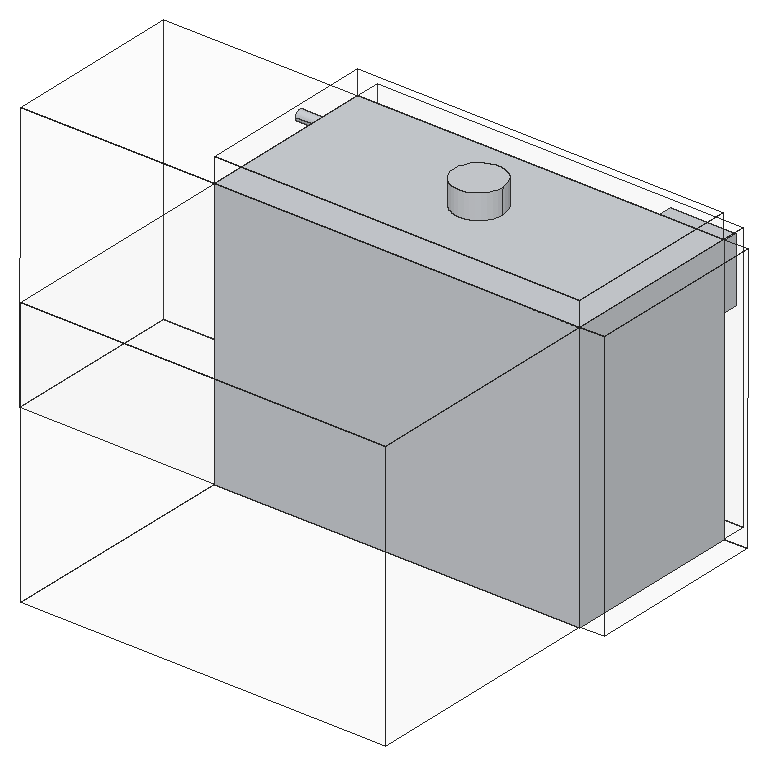
Revit family
Parameters (values of type "CWN0497PM")
  manifold thickness = 3 1/2"
  gas conn offset from back = 4"
  Voltage/Pump = 120"
  HEIGHT = 33 1/4"
  A/G_gas conn offset from bottom = 31 1/2"
  B_WIDTH = 45 1/4"
  C_DEPTH = 22 1/4"
  DRAIN SIZE = 2@ = 3/4"
  GAS CONN SIZE = gas conn radius * 2  # 1 1/4"
  VENT SIZE = vent radius * 2  # 6"
  WATER IN CONN SIZE = water inlet radius * 2  # 2"
  WATER OUT CONN SIZE = water outlet radius * 2  # 2"
  SES BIM Studio # = "201264901-22"
  Voltage/Heater = "120"
  Voltage/Control = "24"
  URL = "http://www.lochinvar.com/products/default.aspx?type=productline&lineid=15"
  Total Amps w/pump = "13.8"
  Model = "CWN0497PM"
  Manufacturer = "Lochinvar"
  MODEL NO. = "CWN0497PM"
  GALLON CAPACITY = "1.7"
  INPUT RATE (BTUH) = "495,000"
  FUEL TYPE = "NATURAL GAS"
  Description = "Copper-Fin Commercial Gas Water Heater"
  Fuel Type = "Natural or LP"
  D_water conn height = 12 1/2"
  E_vent offset from back = 9 1/2"
  F_vent offset from right side = 22 3/4"
  air inlet offset from right side = 1"
  air inlet size = 8"
  air inlet offst from top = 1"
  front clearance = 30"
  gas conn radius = 5/8"
  left side clearance = 24"
  rear clearance = 3"
  right side clearance = 3"
  top clearance = 3"
  vent radius = 3"
  water conn offset from back = 6 1/2"
  water inlet radius = 1"
  water inlet/outlet center to center distance = 6 1/2"
  water outlet radius = 1"
  # of Electrical Connections = "2"
Types (9): name | gas conn offset from back | HEIGHT | A/G_gas conn offset from bottom | B_WIDTH | C_DEPTH | GAS CONN SIZE | VENT SIZE | WATER IN CONN SIZE | WATER OUT CONN SIZE | Total Amps w/pump | Model | MODEL NO. | GALLON CAPACITY | INPUT RATE (BTUH) | D_water conn height | E_vent offset from back | F_vent offset from right side | gas conn radius | vent radius | water inlet radius | water inlet/outlet center to center distance | water outlet radius
  (no name) | 4" | 33 1/4" | 31 1/2" | 45 1/4" | 22 1/4" | 1 1/4" | 6" | 2" | 2" | "13.8" | "CWN0497PM" | "CWN0497PM" | "1.7" | "495,000" | 12 1/2" | 9 1/2" | 22 3/4" | 5/8" | 3" | 1" | 6 1/2" | 1"
  CWN0497PM | 4" | 33 1/4" | 31 1/2" | 45 1/4" | 22 1/4" | 1 1/4" | 6" | 2" | 2" | "13.8" | "CWN0497PM" | "CWN0497PM" | "1.7" | "495,000" | 12 1/2" | 9 1/2" | 22 3/4" | 5/8" | 3" | 1" | 6 1/2" | 1"
  CWN0647PM | 4" | 33 1/4" | 31 1/2" | 56 3/4" | 22 1/4" | 1 1/4" | 8" | 2" | 2" | "13.8" | "CWN0647PM" | "CWN0647PM" | "1.9" | "645,000" | 12 1/2" | 9 1/2" | 28 1/2" | 5/8" | 4" | 1" | 6 1/2" | 1"
  WN0747PM | 4" | 33 1/4" | 31 1/2" | 64" | 22 1/4" | 1 1/4" | 8" | 2" | 2" | "13.8" | "CWN0747PM" | "CWN0747PM" | "2.0" | "745,000" | 12 1/2" | 9 1/2" | 32" | 5/8" | 4" | 1" | 6 1/2" | 1"
  WN0987PM | 27 1/2" | 36" | 33 1/4" | 48 1/4" | 33 1/2" | 2" | 10" | 2 1/2" | 2 1/2" | "15.4" | "CWN0987PM" | "CWN0987PM" | "3.4" | "985,000" | 15 3/4" | 8 1/2" | 8 1/2" | 1" | 5" | 1 1/4" | 11 1/4" | 1 1/4"
  CWN1257PM | 27 1/2" | 36" | 33 1/4" | 58 1/2" | 33 1/2" | 2" | 12" | 2 1/2" | 2 1/2" | "15.4" | "CWN1257PM" | "CWN1257PM" | "3.7" | "1,255,000" | 15 3/4" | 9 1/2" | 10 1/2" | 1" | 6" | 1 1/4" | 11 1/4" | 1 1/4"
  CWN1437PM | 27 1/2" | 36" | 33 1/4" | 68 3/4" | 33 1/2" | 2" | 12" | 2 1/2" | 2 1/2" | "15.8" | "CWN1437PM" | "CWN1437PM" | "4.1" | "1,435,000" | 15 3/4" | 10 1/2" | 10 1/2" | 1" | 6" | 1 1/4" | 11 1/4" | 1 1/4"
  CWN1797PM | 27 1/2" | 36" | 33 1/4" | 82 1/4" | 33 1/2" | 2" | 14" | 2 1/2" | 2 1/2" | "15.8" | "CWN1797PM" | "CWN1797PM" | "4.5" | "1,795,000" | 15 3/4" | 11" | 11" | 1" | 7" | 1 1/4" | 11 1/4" | 1 1/4"
  CWN2067PM | 27 1/2" | 36" | 33 1/4" | 92 1/2" | 33 1/2" | 2" | 14" | 2 1/2" | 2 1/2" | "15.8" | "CWN2067PM" | "CWN2067PM" | "4.8" | "2,065,000" | 15 3/4" | 11" | 11" | 1" | 7" | 1 1/4" | 11 1/4" | 1 1/4"
Reference planes (in)
  plane 1 "Center (Front/Back)": y = 2.33546
  plane 2: z = 0
  plane 3 "Center (Left/Right)": x = 0
  plane 4 "Rear Plane": y = 13.46046
  plane 5 "Front Plane": y = -8.78954
  plane 6 "Left Side Plane": x = -22.625
  plane 7 "Right Side Plane": x = 22.625
  plane 8 "Top Plane": z = 33.25
  plane 9 "Vent Offset from Rear": y = 3.96046
  plane 10 "Water Conn offset from bottom": z = 12.5
  plane 11 "Water conn offset from back": y = 6.96046
  plane 12 "Water conn center to center": y = 0.46046
  plane 13 "Gas conn offset from botton - 0497-0979": z = 31.5
  plane 14 "Gas conn offset from back - 0497-0797": y = 9.46046
  plane 15 "Vent Conn offset from back": y = 3.96046
  plane 16 "Vent conn offset from right side": x = -0.125
  plane 17: x = 21.625
  plane 18 "air inlet offset from top": z = 32.25
  plane 19: x = 13.625
  plane 20 "air inlet bottom plane": z = 24.25
  plane 21 "front clearance": y = -38.78954
  plane 22 "left side clearance": x = -46.625
  plane 23 "right side clearance": x = 25.625
  plane 24 "rear clearance plane": y = 16.46046
  plane 25 "top clearance": z = 36.25
  plane 26 "water manifold top plane": z = 14.25
  plane 27 "water manifold bottom plane": z = 10.75
  plane 28 "water manifold left plane": y = 9.96046
  plane 29 "water manifold right plane": y = -2.53954
  plane 30: x = -30.625
  plane 31 "manifold thickness": x = -26.125
Forms (in)
  Extrusion 1, solid
    sketch origin (0, 0, 0) x (1, 0, 0) y (0, 1, 0)
      loop
        line (-22.625, 13.46046) -> (-22.625, -8.78954) -> (22.625, -8.78954) -> (22.625, 13.46046) -> (-22.625, 13.46046)
    from 0 to 33.25
  Extrusion 2, solid
    sketch origin (0, 0, 31.5) x (-1, 0, 0) y (0, -1, 0)
      loop
        circle (0.125, -3.96046) r 3
    from 1.75 to 4.75
  Extrusion 3, solid
    sketch origin (0, 19.46046, 0) x (1, 0, 0) y (0, 0, 1)
      loop
        line (21.625, 32.25) -> (13.625, 32.25) -> (13.625, 24.25) -> (21.625, 24.25) -> (21.625, 32.25)
    from 6 to 3
  Extrusion 4, solid, material "Clearance"
    sketch origin (0, 0, 33.25) x (-1, 0, 0) y (0, -1, 0)
      loop
        line (22.625, -13.46046) -> (22.625, 8.78954) -> (-22.625, 8.78954) -> (-22.625, -13.46046) -> (22.625, -13.46046)
    from 0 to 3
  Extrusion 5, solid
    sketch origin (-18.875, 0, 0) x (0, 1, 0) y (0, 0, 1)
      loop
        line (9.96046, 14.25) -> (-2.53954, 14.25) -> (-2.53954, 10.75) -> (9.96046, 10.75) -> (9.96046, 14.25)
    from -3.75 to -7.25
  Extrusion 6, solid
    sketch origin (-26.125, 0, 0) x (0, 1, 0) y (0, 0, 1)
      loop
        circle (6.96046, 12.5) r 1
    from 0 to -0.5
  Extrusion 7, solid
    sketch origin (-26.125, 0, 0) x (0, 1, 0) y (0, 0, 1)
      loop
        circle (0.46046, 12.5) r 1
    from 0 to -0.5
  Extrusion 8, solid, material "Clearance"
    sketch origin (0, 0, 33.25) x (-1, 0, 0) y (0, -1, 0)
      loop
        line (22.625, -13.46046) -> (46.625, -13.46046) -> (46.625, 8.78954) -> (22.625, 8.78954) -> (22.625, -13.46046)
    from 0 to -33.25
  Extrusion 9, solid, material "Clearance"
    sketch origin (0, 0, 33.25) x (-1, 0, 0) y (0, -1, 0)
      loop
        line (-22.625, -13.46046) -> (-22.625, 8.78954) -> (-25.625, 8.78954) -> (-25.625, -13.46046) -> (-22.625, -13.46046)
    from 0 to -33.25
  Extrusion 10, solid, material "Clearance"
    sketch origin (0, 0, 33.25) x (-1, 0, 0) y (0, -1, 0)
      loop
        line (22.625, 8.78954) -> (22.625, 38.78954) -> (-22.625, 38.78954) -> (-22.625, 8.78954) -> (22.625, 8.78954)
    from 0 to -33.25
  Extrusion 11, solid, material "Clearance"
    sketch origin (0, 0, 33.25) x (-1, 0, 0) y (0, -1, 0)
      loop
        line (22.625, -13.46046) -> (-22.625, -13.46046) -> (-22.625, -16.46046) -> (22.625, -16.46046) -> (22.625, -13.46046)
    from 0 to -33.25
  Extrusion 12, solid
    sketch origin (-22.625, 0, 0) x (0, 1, 0) y (0, 0, 1)
      loop
        circle (9.46046, 31.5) r 0.625
    from 0 to -4
Text (in)
  text "LEFT" at (-60.0409, 11.34615, 0), in view "Ref. Level"
  text "RIGHT" at (95.9591, 11.34615, 0), in view "Ref. Level"
  text "FRONT" at (3.05477, -68.89429, 0), in view "Ref. Level"
  text "BACK" at (3.05477, 70.10571, 0), in view "Ref. Level"
Dimensions and locks (in)
  equal spacing: plane 5 "Front Plane", plane 1 "Center (Front/Back)", plane 4 "Rear Plane"
  "C_DEPTH": plane 5 "Front Plane" to plane 4 "Rear Plane"
  equal spacing: plane 6 "Left Side Plane", plane 3 "Center (Left/Right)", plane 7 "Right Side Plane"
  "B_WIDTH": plane 6 "Left Side Plane" to plane 7 "Right Side Plane"
  "HEIGHT": plane 8 "Top Plane" to plane 2
  "D_water conn height": plane 10 "Water Conn offset from bottom" to level
  "water conn offset from back": plane 4 "Rear Plane" to plane 11 "Water conn offset from back"
  "water inlet/outlet center to center distance": plane 11 "Water conn offset from back" to plane 12 "Water conn center to center"
  "A/G_gas conn offset from bottom": plane 13 "Gas conn offset from botton - 0497-0979" to level
  "gas conn offset from back": plane 4 "Rear Plane" to plane 14 "Gas conn offset from back - 0497-0797"
  "E_vent offset from back": plane 15 "Vent Conn offset from back" to plane 4 "Rear Plane"
  "F_vent offset from right side": plane 16 "Vent conn offset from right side" to plane 7 "Right Side Plane"
  "air inlet offset from right side": plane 17 to plane 7 "Right Side Plane"
  "air inlet size": plane 19 to plane 17
  "air inlet offst from top": plane 18 "air inlet offset from top" to plane 8 "Top Plane"
  "air inlet size": plane 20 "air inlet bottom plane" to plane 18 "air inlet offset from top"
  "front clearance": plane 21 "front clearance" to plane 5 "Front Plane"
  "left side clearance": plane 22 "left side clearance" to plane 6 "Left Side Plane"
  "right side clearance": plane 7 "Right Side Plane" to plane 23 "right side clearance"
  "rear clearance": plane 4 "Rear Plane" to plane 24 "rear clearance plane"
  "top clearance": plane 25 "top clearance" to plane 8 "Top Plane"
  locked: plane 28 "water manifold left plane" to plane 11 "Water conn offset from back" at 3
  locked: plane 12 "Water conn center to center" to plane 29 "water manifold right plane" at 3
  equal spacing: plane 26 "water manifold top plane", plane 10 "Water Conn offset from bottom", plane 27 "water manifold bottom plane"
  "manifold thickness": plane 6 "Left Side Plane" to plane 31 "manifold thickness"
  "vent radius": radius of Extrusion 2 sketch curve
  "water outlet radius": radius of Extrusion 6 sketch curve
  "water inlet radius": radius of Extrusion 7 sketch curve
  "gas conn radius": radius of Extrusion 12 sketch curve
  aligned and locked: plane 8 "Top Plane" to Extrusion 1
  aligned and locked: plane 7 "Right Side Plane" to Extrusion 1
  aligned and locked: Extrusion 1 to plane 6 "Left Side Plane"
  aligned and locked: plane 9 "Vent Offset from Rear" to plane 15 "Vent Conn offset from back"
  aligned and locked: plane 17 to Extrusion 3
  aligned and locked: plane 19 to Extrusion 3
  aligned and locked: plane 18 "air inlet offset from top" to Extrusion 3
  aligned and locked: plane 20 "air inlet bottom plane" to Extrusion 3
  aligned and locked: plane 25 "top clearance" to Extrusion 4
  aligned and locked: plane 4 "Rear Plane" to Extrusion 3
  aligned and locked: Extrusion 1 to Extrusion 3  (x2)
  aligned and locked: Extrusion 1 to Extrusion 2
  aligned and locked: Extrusion 2 to Extrusion 1
  aligned and locked: Extrusion 4 to Extrusion 2
  aligned and locked: Extrusion 1 to Extrusion 5
  aligned and locked: plane 31 "manifold thickness" to Extrusion 5
  aligned and locked: Extrusion 6 to Extrusion 5
  aligned and locked: plane 8 "Top Plane" to Extrusion 8
  aligned and locked: plane 2 to Extrusion 8
  aligned and locked: plane 2 to Extrusion 9
  aligned and locked: plane 8 "Top Plane" to Extrusion 9
  aligned and locked: plane 2 to Extrusion 10
  aligned and locked: plane 8 "Top Plane" to Extrusion 10
  aligned and locked: plane 2 to Extrusion 11
  aligned and locked: plane 8 "Top Plane" to Extrusion 11
  aligned and locked: plane 24 "rear clearance plane" to Extrusion 3
Automatic sketch dimensions
  plane 5 "Front Plane" to Extrusion 1 sketch curve = 0"
  Extrusion 1 sketch curve to plane 6 "Left Side Plane" = 0"
  plane 4 "Rear Plane" to Extrusion 1 sketch curve = 0"
  Extrusion 1 sketch curve to plane 7 "Right Side Plane" = 0"
  plane 9 "Vent Offset from Rear" to Extrusion 2 sketch curve = 0"
  Extrusion 2 sketch curve to plane 16 "Vent conn offset from right side" = 0"
  Extrusion 3 sketch curve to plane 19 = 0"
  Extrusion 3 sketch curve to plane 17 = 0"
  Extrusion 3 sketch curve to plane 20 "air inlet bottom plane" = 0"
  Extrusion 3 sketch curve to plane 18 "air inlet offset from top" = 0"
  Extrusion 4 sketch curve to plane 7 "Right Side Plane" = 0"
  Extrusion 4 sketch curve to plane 6 "Left Side Plane" = 0"
  plane 5 "Front Plane" to Extrusion 4 sketch curve = 0"
  plane 4 "Rear Plane" to Extrusion 4 sketch curve = 0"
  Extrusion 5 sketch curve to plane 29 "water manifold right plane" = 0"
  Extrusion 5 sketch curve to plane 27 "water manifold bottom plane" = 0"
  Extrusion 5 sketch curve to plane 28 "water manifold left plane" = 0"
  Extrusion 5 sketch curve to plane 26 "water manifold top plane" = 0"
  Extrusion 6 sketch curve to plane 10 "Water Conn offset from bottom" = 0"
  Extrusion 6 sketch curve to plane 11 "Water conn offset from back" = 0"
  Extrusion 7 sketch curve to plane 10 "Water Conn offset from bottom" = 0"
  Extrusion 7 sketch curve to plane 12 "Water conn center to center" = 0"
  plane 4 "Rear Plane" to Extrusion 8 sketch curve = 0"
  Extrusion 8 sketch curve to plane 6 "Left Side Plane" = 0"
  Extrusion 8 sketch curve to plane 22 "left side clearance" = 0"
  plane 5 "Front Plane" to Extrusion 8 sketch curve = 0"
  Extrusion 9 sketch curve to plane 23 "right side clearance" = 0"
  plane 5 "Front Plane" to Extrusion 9 sketch curve = 0"
  Extrusion 9 sketch curve to plane 7 "Right Side Plane" = 0"
  plane 4 "Rear Plane" to Extrusion 9 sketch curve = 0"
  plane 5 "Front Plane" to Extrusion 10 sketch curve = 0"
  Extrusion 10 sketch curve to plane 7 "Right Side Plane" = 0"
  Extrusion 10 sketch curve to plane 6 "Left Side Plane" = 0"
  plane 21 "front clearance" to Extrusion 10 sketch curve = 0"
  plane 4 "Rear Plane" to Extrusion 11 sketch curve = 0"
  Extrusion 11 sketch curve to plane 7 "Right Side Plane" = 0"
  Extrusion 11 sketch curve to plane 6 "Left Side Plane" = 0"
  plane 24 "rear clearance plane" to Extrusion 11 sketch curve = 0"
  Extrusion 12 sketch curve to plane 13 "Gas conn offset from botton - 0497-0979" = 0"
  Extrusion 12 sketch curve to plane 14 "Gas conn offset from back - 0497-0797" = 0"
Connectors (in)
  hvac at (-0.125, 3.96046, 36.25), driven by "vent radius"
    settings: on Extrusion 2, index 4, duct flow 0 CFM, flow factor 0, pres drop 0.00 in-wg, loss coef 0, conn angle 0.00°, conn width 12", conn height 12", conn radius 3", duct sys type 1, conn prof type 0, flow config 0, flow direction 2, loss method 0, conn ref index -1, conn util no, is conn primary yes, conn desc "Exhaust Vent Conn"
  piping at (-26.625, 6.96046, 12.5), driven by "water outlet radius"
    settings: on Extrusion 6, index 5, connector radius 1", flow factor 0, pipe flow 0 GPM, pressure drop 0.00 psi, fitting loss kfactor 0, connector angle 0.00°, fixture units 0, flow configuration 0, flow direction 2, fitting loss method 0, system type 7, connector reference index -1, connector utility 0, adjustable connector no, is connector primary yes, fitting loss table "", connector description "water outlet conn"
  piping at (-26.625, 0.46046, 12.5), driven by "water inlet radius"
    settings: on Extrusion 7, index 6, connector radius 1", flow factor 0, pipe flow 0 GPM, pressure drop 0.00 psi, fitting loss kfactor 0, connector angle 0.00°, fixture units 0, flow configuration 0, flow direction 1, fitting loss method 0, system type 7, connector reference index -1, connector utility 0, adjustable connector no, is connector primary no, fitting loss table "", connector description "water inlet conn"
  piping at (-26.625, 9.46046, 31.5), driven by "gas conn radius"
    settings: on Extrusion 12, index 7, connector radius 5/8", flow factor 0, pipe flow 0 GPM, pressure drop 0.00 psi, fitting loss kfactor 0, connector angle 0.00°, fixture units 0, flow configuration 0, flow direction 1, fitting loss method 0, system type 22, connector reference index -1, connector utility 0, adjustable connector no, is connector primary no, fitting loss table "", connector description "gass conn - 0497-0797"
